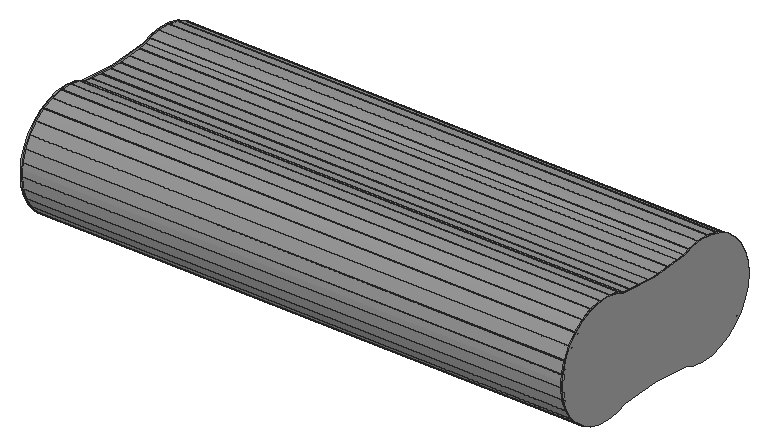
Revit family "Скамейка стальная «Калипсо» без спинки Арт 14300", category Антураж, Revit 2018
Family settings
  На основе рабочей плоскости = Нет
  Всегда вертикально = Да
  При загрузке вырезать с полостями = Нет
  Источник визуального образа = Геометрия семейства
  Общий = Нет
  Точка расчета площади = Нет
Parameters (values of type "Версия 1,8 м (лиственница)")
  Ширина = 780 mm  # constant formula
  Цвет отделки = Лиственница
  Цвет каркаса = Сталь
  Описание = if([Версия 1,8 м (лиственница)], "Скамейка стальная «Калипсо» без спинки. Материал сидения из лиственницы", "Скамейка стальная «Калипсо» без спинки. Материал сидения из сосны")  # "Скамейка стальная «Калипсо» без спинки. Материал сидения из лиственницы"
  Материал изделия = "Сталь, дерево"  # constant formula
  Изображение типоразмера = Скамейка стальная «Калипсо» без спинки Арт 14300.jpeg
  Изготовитель = "ООО «Хоббика»"  # constant formula
  Длина = 1810 mm  # constant formula
  Группа модели = "Скамейки"  # constant formula
  Высота = 450 mm  # constant formula
  Версия 1,8 м (сосна) = not([Версия 1,8 м (лиственница)])  # no
  Версия 1,8 м (лиственница) = yes
  Артикул товара = "Арт. 14300"  # constant formula
  URL = "https://hobbyka.ru/product/skameyka_kalipso/"
Types (3, lengths in mm): name | Цвет отделки | Описание | Версия 1,8 м (сосна) | Версия 1,8 м (лиственница)
  (no name) | Лиственница | "Скамейка стальная «Калипсо» без спинки. Материал сидения из лиственницы" | no | yes
  Версия 1,8 м (лиственница) | Лиственница | "Скамейка стальная «Калипсо» без спинки. Материал сидения из лиственницы" | no | yes
  Версия 1,8 м (сосна) | Сосна | "Скамейка стальная «Калипсо» без спинки. Материал сидения из сосны" | yes | no
Reference planes
  plane 1 "По центру (Вперед/Назад)": y = 0
  plane 2: z = 0
  plane 3 "По центру (Влево/Вправо)": x = 0
  plane 4: y = 780
  plane 5: x = 1810
  plane 6: z = 450
Forms (mm)
  Extrusion 1, solid, material "Сталь" <- "Цвет каркаса"
    sketch origin (0, 0, 0) x (1, 0, 0) y (0, 1, 0)
      loop
        circle (350, 390) r 150
      loop
        circle (1460, 390) r 150
    from 0 to 121.972
  Extrusion 2, solid, material "Сталь" <- "Цвет каркаса"
    sketch origin (0, 0, 0) x (0, 1, 0) y (0, 0, 1)
      loop
        arc (262.496, 432.986) -> (0, 265) -> (262.496, 97.014) r 185
        arc (262.496, 97.014) -> (390, 107.556) -> (517.504, 97.014) r 776.31
        arc (517.504, 97.014) -> (780, 265) -> (517.504, 432.986) r 185
        arc (517.504, 432.986) -> (390, 422.444) -> (262.496, 432.986) r 776.31
    from -5 to 0
  Extrusion 3, solid, material "Сталь" <- "Цвет каркаса"
    sketch origin (0, 0, 0) x (0, 1, 0) y (0, 0, 1)
      loop
        arc (262.496, 432.986) -> (0, 265) -> (262.496, 97.014) r 185
        arc (262.496, 97.014) -> (390, 107.556) -> (517.504, 97.014) r 776.31
        arc (517.504, 97.014) -> (780, 265) -> (517.504, 432.986) r 185
        arc (517.504, 432.986) -> (390, 422.444) -> (262.496, 432.986) r 776.31
    from 1810 to 1815
  Extrusion 4, solid, material "Лиственница" <- "Цвет отделки"
    sketch origin (0, 0, 0) x (0, 1, 0) y (0, 0, 1)
      loop
        line (542.643, 421.477) -> (536.297, 440.444)
        arc (536.297, 440.444) -> (526.82, 436.974) -> (517.546, 432.993) r 185.002
        arc (517.546, 432.993) -> (504.83, 430.983) -> (492.081, 429.185) r 776.31
        line (492.081, 429.185) -> (494.711, 409.358)
        arc (494.711, 409.358) -> (509.167, 411.411) -> (523.582, 413.728) r 796.31
        arc (523.582, 413.728) -> (532.992, 417.9) -> (542.643, 421.477) r 165.002
      loop
        arc (543.276, 421.697) -> (560, 426.261) -> (577.111, 429.046) r 165.013
        line (577.111, 429.046) -> (574.943, 448.928)
        arc (574.943, 448.928) -> (555.758, 445.806) -> (537.007, 440.689) r 185.013
        line (537.007, 440.689) -> (543.276, 421.697)
      loop
        arc (577.751, 429.114) -> (594.999, 430.008) -> (612.247, 429.095) r 165.016
        line (612.247, 429.095) -> (614.338, 448.985)
        arc (614.338, 448.985) -> (594.999, 450.008) -> (575.66, 449.005) r 185.016
        line (575.66, 449.005) -> (577.751, 429.114)
      loop
        arc (612.963, 429.017) -> (630.008, 426.239) -> (646.67, 421.694) r 165.003
        line (646.67, 421.694) -> (652.933, 440.688)
        arc (652.933, 440.688) -> (634.252, 445.784) -> (615.14, 448.899) r 185.003
        line (615.14, 448.899) -> (612.963, 429.017)
      loop
        arc (647.353, 421.467) -> (663.421, 415.137) -> (678.74, 407.162) r 165.001
        line (678.74, 407.162) -> (688.891, 424.395)
        arc (688.891, 424.395) -> (671.715, 433.336) -> (653.699, 440.434) r 185.001
        line (653.699, 440.434) -> (647.353, 421.467)
      loop
        arc (679.382, 406.794) -> (693.774, 397.178) -> (707.079, 386.108) r 165.011
        line (707.079, 386.108) -> (720.664, 400.786)
        arc (720.664, 400.786) -> (705.746, 413.199) -> (689.609, 423.981) r 185.011
        line (689.609, 423.981) -> (679.382, 406.794)
      loop
        arc (707.537, 385.682) -> (719.527, 373.25) -> (730.151, 359.634) r 165.014
        line (730.151, 359.634) -> (746.534, 371.105)
        arc (746.534, 371.105) -> (734.621, 386.371) -> (721.177, 400.309) r 185.014
        line (721.177, 400.309) -> (707.537, 385.682)
      loop
        arc (730.562, 359.043) -> (739.648, 344.357) -> (747.149, 328.802) r 164.999
        line (747.149, 328.802) -> (765.593, 336.536)
        arc (765.593, 336.536) -> (757.183, 353.977) -> (746.995, 370.443) r 184.999
        line (746.995, 370.443) -> (730.562, 359.043)
      loop
        arc (747.426, 328.137) -> (753.192, 311.858) -> (757.224, 295.066) r 164.996
        line (757.224, 295.066) -> (776.889, 298.711)
        arc (776.889, 298.711) -> (772.368, 317.539) -> (765.904, 335.791) r 184.996
        line (765.904, 335.791) -> (747.426, 328.137)
      loop
        arc (757.369, 294.337) -> (759.557, 277.159) -> (759.931, 259.847) r 165.008
        line (759.931, 259.847) -> (779.922, 259.222)
        arc (779.922, 259.222) -> (779.502, 278.633) -> (777.051, 297.893) r 185.008
        line (777.051, 297.893) -> (757.369, 294.337)
      loop
        arc (759.911, 259.241) -> (758.393, 242.037) -> (755.086, 225.086) r 165.012
        line (755.086, 225.086) -> (774.492, 220.248)
        arc (774.492, 220.248) -> (778.199, 239.254) -> (779.899, 258.543) r 185.012
        line (779.899, 258.543) -> (759.911, 259.241)
      loop
        arc (754.91, 224.388) -> (749.788, 207.896) -> (742.97, 192.029) r 164.993
        line (742.97, 192.029) -> (760.907, 183.184)
        arc (760.907, 183.184) -> (768.552, 200.973) -> (774.295, 219.465) r 184.993
        line (774.295, 219.465) -> (754.91, 224.388)
      loop
        arc (742.65, 191.384) -> (734.148, 176.353) -> (724.121, 162.293) r 164.989
        line (724.121, 162.293) -> (739.773, 149.843)
        arc (739.773, 149.843) -> (751.015, 165.607) -> (760.549, 182.46) r 184.989
        line (760.549, 182.46) -> (742.65, 191.384)
      loop
        arc (723.666, 161.737) -> (712.168, 148.851) -> (699.386, 137.238) r 164.985
        line (699.386, 137.238) -> (712.04, 121.75)
        arc (712.04, 121.75) -> (726.371, 134.771) -> (739.263, 149.218) r 184.985
        line (739.263, 149.218) -> (723.666, 161.737)
      loop
        arc (698.827, 136.784) -> (684.857, 126.632) -> (669.902, 117.996) r 164.985
        line (669.902, 117.996) -> (678.982, 100.176)
        arc (678.982, 100.176) -> (695.75, 109.859) -> (711.414, 121.241) r 184.985
        line (711.414, 121.241) -> (698.827, 136.784)
      loop
        arc (669.26, 117.67) -> (653.454, 110.713) -> (637.007, 105.447) r 164.985
        line (637.007, 105.447) -> (642.099, 86.106)
        arc (642.099, 86.106) -> (660.54, 92.011) -> (678.262, 99.811) r 184.985
        line (678.262, 99.811) -> (669.26, 117.67)
      loop
        arc (636.31, 105.265) -> (619.388, 101.818) -> (602.197, 100.158) r 164.989
        line (602.197, 100.158) -> (603.07, 80.177)
        arc (603.07, 80.177) -> (622.344, 82.037) -> (641.318, 85.902) r 184.989
        line (641.318, 85.902) -> (636.31, 105.265)
      loop
        arc (601.478, 100.128) -> (584.207, 100.339) -> (567.052, 102.354) r 165.007
        line (567.052, 102.354) -> (563.665, 82.643)
        arc (563.665, 82.643) -> (582.899, 80.382) -> (602.263, 80.144) r 185.007
        line (602.263, 80.144) -> (601.478, 100.128)
      loop
        arc (566.454, 102.458) -> (549.579, 106.349) -> (533.204, 111.987) r 165.003
        line (533.204, 111.987) -> (525.714, 93.442)
        arc (525.714, 93.442) -> (544.074, 87.121) -> (562.995, 82.759) r 185.003
        line (562.995, 82.759) -> (566.454, 102.458)
      loop
        line (236.724, 421.697) -> (242.993, 440.689)
        arc (242.993, 440.689) -> (224.242, 445.806) -> (205.057, 448.928) r 185.013
        line (205.057, 448.928) -> (202.889, 429.046)
        arc (202.889, 429.046) -> (220, 426.261) -> (236.724, 421.697) r 165.013
      loop
        line (202.249, 429.114) -> (204.34, 449.005)
        arc (204.34, 449.005) -> (185.001, 450.008) -> (165.662, 448.985) r 185.016
        line (165.662, 448.985) -> (167.753, 429.095)
        arc (167.753, 429.095) -> (185.001, 430.008) -> (202.249, 429.114) r 165.016
      loop
        line (167.037, 429.017) -> (164.86, 448.899)
        arc (164.86, 448.899) -> (145.748, 445.784) -> (127.067, 440.688) r 185.003
        line (127.067, 440.688) -> (133.33, 421.694)
        arc (133.33, 421.694) -> (149.992, 426.239) -> (167.037, 429.017) r 165.003
      loop
        line (132.647, 421.467) -> (126.301, 440.434)
        arc (126.301, 440.434) -> (108.285, 433.336) -> (91.109, 424.395) r 185.001
        line (91.109, 424.395) -> (101.26, 407.162)
        arc (101.26, 407.162) -> (116.579, 415.137) -> (132.647, 421.467) r 165.001
      loop
        line (100.618, 406.794) -> (90.391, 423.981)
        arc (90.391, 423.981) -> (74.254, 413.199) -> (59.336, 400.786) r 185.011
        line (59.336, 400.786) -> (72.921, 386.108)
        arc (72.921, 386.108) -> (86.226, 397.178) -> (100.618, 406.794) r 165.011
      loop
        line (72.463, 385.682) -> (58.823, 400.309)
        arc (58.823, 400.309) -> (45.379, 386.371) -> (33.466, 371.105) r 185.014
        line (33.466, 371.105) -> (49.849, 359.634)
        arc (49.849, 359.634) -> (60.473, 373.25) -> (72.463, 385.682) r 165.014
      loop
        line (49.438, 359.043) -> (33.005, 370.443)
        arc (33.005, 370.443) -> (22.817, 353.977) -> (14.407, 336.536) r 184.999
        line (14.407, 336.536) -> (32.851, 328.802)
        arc (32.851, 328.802) -> (40.352, 344.357) -> (49.438, 359.043) r 164.999
      loop
        line (32.574, 328.137) -> (14.096, 335.791)
        arc (14.096, 335.791) -> (7.632, 317.539) -> (3.111, 298.711) r 184.996
        line (3.111, 298.711) -> (22.776, 295.066)
        arc (22.776, 295.066) -> (26.808, 311.858) -> (32.574, 328.137) r 164.996
      loop
        line (22.631, 294.337) -> (2.949, 297.893)
        arc (2.949, 297.893) -> (0.498, 278.633) -> (0.078, 259.222) r 185.008
        line (0.078, 259.222) -> (20.069, 259.847)
        arc (20.069, 259.847) -> (20.443, 277.159) -> (22.631, 294.337) r 165.008
      loop
        line (20.089, 259.241) -> (0.101, 258.543)
        arc (0.101, 258.543) -> (1.801, 239.254) -> (5.508, 220.248) r 185.012
        line (5.508, 220.248) -> (24.914, 225.086)
        arc (24.914, 225.086) -> (21.607, 242.037) -> (20.089, 259.241) r 165.012
      loop
        line (25.09, 224.388) -> (5.705, 219.465)
        arc (5.705, 219.465) -> (11.448, 200.973) -> (19.093, 183.184) r 184.993
        line (19.093, 183.184) -> (37.03, 192.029)
        arc (37.03, 192.029) -> (30.212, 207.896) -> (25.09, 224.388) r 164.993
      loop
        line (37.35, 191.384) -> (19.451, 182.46)
        arc (19.451, 182.46) -> (28.985, 165.607) -> (40.227, 149.843) r 184.989
        line (40.227, 149.843) -> (55.879, 162.293)
        arc (55.879, 162.293) -> (45.852, 176.353) -> (37.35, 191.384) r 164.989
      loop
        line (56.334, 161.737) -> (40.737, 149.218)
        arc (40.737, 149.218) -> (53.629, 134.771) -> (67.96, 121.75) r 184.985
        line (67.96, 121.75) -> (80.614, 137.238)
        arc (80.614, 137.238) -> (67.832, 148.851) -> (56.334, 161.737) r 164.985
      loop
        line (81.173, 136.784) -> (68.586, 121.241)
        arc (68.586, 121.241) -> (84.25, 109.859) -> (101.018, 100.176) r 184.985
        line (101.018, 100.176) -> (110.098, 117.996)
        arc (110.098, 117.996) -> (95.143, 126.632) -> (81.173, 136.784) r 164.985
      loop
        line (110.74, 117.67) -> (101.738, 99.811)
        arc (101.738, 99.811) -> (119.46, 92.011) -> (137.901, 86.106) r 184.985
        line (137.901, 86.106) -> (142.993, 105.447)
        arc (142.993, 105.447) -> (126.546, 110.713) -> (110.74, 117.67) r 164.985
      loop
        line (143.69, 105.265) -> (138.682, 85.902)
        arc (138.682, 85.902) -> (157.656, 82.037) -> (176.93, 80.177) r 184.989
        line (176.93, 80.177) -> (177.803, 100.158)
        arc (177.803, 100.158) -> (160.612, 101.818) -> (143.69, 105.265) r 164.989
      loop
        line (178.522, 100.128) -> (177.737, 80.144)
        arc (177.737, 80.144) -> (197.101, 80.382) -> (216.335, 82.643) r 185.007
        line (216.335, 82.643) -> (212.948, 102.354)
        arc (212.948, 102.354) -> (195.793, 100.339) -> (178.522, 100.128) r 165.007
      loop
        line (213.546, 102.458) -> (217.005, 82.759)
        arc (217.005, 82.759) -> (235.926, 87.121) -> (254.286, 93.442) r 185.003
        line (254.286, 93.442) -> (246.796, 111.987)
        arc (246.796, 111.987) -> (230.421, 106.349) -> (213.546, 102.458) r 165.003
      loop
        arc (409.498, 422.689) -> (390.07, 422.444) -> (370.641, 422.685) r 776.31
        line (370.641, 422.685) -> (370.143, 402.703)
        arc (370.143, 402.703) -> (390.072, 402.448) -> (410, 402.692) r 796.315
        line (410, 402.692) -> (409.498, 422.689)
      loop
        line (410.861, 422.724) -> (411.399, 402.728)
        arc (411.399, 402.728) -> (431.493, 403.525) -> (451.56, 404.829) r 796.313
        line (451.56, 404.829) -> (450.014, 424.767)
        arc (450.014, 424.767) -> (430.45, 423.498) -> (410.861, 422.724) r 776.31
      loop
        line (451.687, 424.899) -> (453.276, 404.962)
        arc (453.276, 404.962) -> (473.193, 406.801) -> (493.058, 409.141) r 796.31
        line (493.058, 409.141) -> (490.469, 428.973)
        arc (490.469, 428.973) -> (471.104, 426.692) -> (451.687, 424.899) r 776.31
      loop
        arc (237.357, 421.477) -> (247.008, 417.9) -> (256.418, 413.728) r 165.002
        arc (256.418, 413.728) -> (270.833, 411.411) -> (285.289, 409.358) r 796.31
        line (285.289, 409.358) -> (287.919, 429.185)
        arc (287.919, 429.185) -> (275.17, 430.983) -> (262.454, 432.993) r 776.31
        arc (262.454, 432.993) -> (253.18, 436.974) -> (243.703, 440.444) r 185.002
        line (243.703, 440.444) -> (237.357, 421.477)
      loop
        arc (369.139, 422.724) -> (349.55, 423.498) -> (329.986, 424.767) r 776.31
        line (329.986, 424.767) -> (328.44, 404.829)
        arc (328.44, 404.829) -> (348.507, 403.525) -> (368.601, 402.728) r 796.313
        line (368.601, 402.728) -> (369.139, 422.724)
      loop
        arc (328.313, 424.899) -> (308.896, 426.692) -> (289.531, 428.973) r 776.31
        line (289.531, 428.973) -> (286.942, 409.141)
        arc (286.942, 409.141) -> (306.807, 406.801) -> (326.724, 404.962) r 796.31
        line (326.724, 404.962) -> (328.313, 424.899)
    from 0 to 1810
Lines and regions (mm)
  symbolic lines
    curve 1: arc (0, 517.504, 432.986) -> (0, 390, 422.444) -> (0, 262.496, 432.986) r 776.31
Dimensions and locks
  "Длина": plane 3 "По центру (Влево/Вправо)" to plane 5
  "Ширина": plane 4 to plane 1 "По центру (Вперед/Назад)"
  "Высота": plane 6 to level
  aligned and locked: level to plane 2
  aligned and locked: Extrusion 4 to plane 3 "По центру (Влево/Вправо)"
  aligned and locked: plane 5 to Extrusion 4
Automatic sketch dimensions
  Extrusion 2 sketch curve to plane 1 "По центру (Вперед/Назад)" = 185 mm
  Extrusion 2 sketch curve to plane 1 "По центру (Вперед/Назад)" = 390 mm
  Extrusion 2 sketch curve to plane 4 = 185 mm
  Extrusion 2 sketch curve to plane 6 = 185 mm
  level to Extrusion 2 sketch curve = 265 mm
  Extrusion 2 sketch curve to Extrusion 2 sketch curve = 77.496 mm
  level to Extrusion 2 sketch curve = 97.014 mm  (x2)
  Extrusion 2 sketch curve to plane 6 = 17.014 mm  (x2)
  plane 6 to Extrusion 2 sketch curve = 748.754 mm
  Extrusion 2 sketch curve to level = 668.754 mm
  Extrusion 3 sketch curve to plane 6 = 17.014 mm  (x2)
  Extrusion 3 sketch curve to plane 1 "По центру (Вперед/Назад)" = 185 mm
  Extrusion 3 sketch curve to plane 1 "По центру (Вперед/Назад)" = 390 mm
  Extrusion 3 sketch curve to plane 4 = 185 mm
  Extrusion 3 sketch curve to plane 6 = 185 mm
  level to Extrusion 3 sketch curve = 265 mm
  Extrusion 3 sketch curve to Extrusion 3 sketch curve = 77.496 mm
  level to Extrusion 3 sketch curve = 97.014 mm  (x2)
  plane 6 to Extrusion 3 sketch curve = 748.754 mm
  Extrusion 3 sketch curve to level = 668.754 mm
  plane 3 "По центру (Влево/Вправо)" to Extrusion 1 sketch curve = 350 mm
  Extrusion 1 sketch curve to plane 5 = 350 mm
  Extrusion 1 sketch curve to plane 1 "По центру (Вперед/Назад)" = 390 mm  (x2)
  curve 1 to plane 6 = 17.014 mm  (x2)
  Extrusion 4 sketch curve to Extrusion 4 sketch curve = 0 mm  (x186)
  Extrusion 4 sketch curve to plane 1 "По центру (Вперед/Назад)" = 0.078 mm
  Extrusion 4 sketch curve to plane 1 "По центру (Вперед/Назад)" = 0.101 mm
  Extrusion 4 sketch curve to plane 1 "По центру (Вперед/Назад)" = 2.949 mm
  Extrusion 4 sketch curve to Extrusion 4 sketch curve = 0.162 mm  (x2)
  Extrusion 4 sketch curve to plane 1 "По центру (Вперед/Назад)" = 5.508 mm
  Extrusion 4 sketch curve to Extrusion 4 sketch curve = 0.197 mm  (x2)
  Extrusion 4 sketch curve to plane 1 "По центру (Вперед/Назад)" = 14.096 mm
  Extrusion 4 sketch curve to Extrusion 4 sketch curve = 0.31 mm  (x2)
  Extrusion 4 sketch curve to plane 1 "По центру (Вперед/Назад)" = 19.093 mm
  Extrusion 4 sketch curve to Extrusion 4 sketch curve = 0.359 mm  (x2)
  Extrusion 4 sketch curve to Extrusion 4 sketch curve = 19.99 mm
  Extrusion 4 sketch curve to Extrusion 4 sketch curve = 0.02 mm  (x2)
  Extrusion 4 sketch curve to Extrusion 4 sketch curve = 19.681 mm
  Extrusion 4 sketch curve to Extrusion 4 sketch curve = 0.146 mm  (x2)
  Extrusion 4 sketch curve to Extrusion 4 sketch curve = 19.406 mm
  Extrusion 4 sketch curve to Extrusion 4 sketch curve = 0.176 mm  (x2)
  Extrusion 4 sketch curve to Extrusion 4 sketch curve = 18.478 mm
  Extrusion 4 sketch curve to Extrusion 4 sketch curve = 0.277 mm  (x2)
  Extrusion 4 sketch curve to plane 1 "По центру (Вперед/Назад)" = 33.005 mm
  Extrusion 4 sketch curve to Extrusion 4 sketch curve = 0.461 mm  (x2)
  Extrusion 4 sketch curve to Extrusion 4 sketch curve = 17.937 mm
  Extrusion 4 sketch curve to Extrusion 4 sketch curve = 0.32 mm  (x2)
  Extrusion 4 sketch curve to Extrusion 4 sketch curve = 20.776 mm
  Extrusion 4 sketch curve to Extrusion 4 sketch curve = 0.509 mm  (x4)
  Extrusion 4 sketch curve to Extrusion 4 sketch curve = 16.433 mm
  Extrusion 4 sketch curve to Extrusion 4 sketch curve = 0.411 mm  (x2)
  Extrusion 4 sketch curve to Extrusion 4 sketch curve = 15.652 mm
  Extrusion 4 sketch curve to Extrusion 4 sketch curve = 0.455 mm  (x2)
  Extrusion 4 sketch curve to Extrusion 4 sketch curve = 25.357 mm
  Extrusion 4 sketch curve to Extrusion 4 sketch curve = 0.514 mm  (x2)
  Extrusion 4 sketch curve to Extrusion 4 sketch curve = 27.224 mm
  Extrusion 4 sketch curve to Extrusion 4 sketch curve = 0.626 mm  (x2)
  Extrusion 4 sketch curve to Extrusion 4 sketch curve = 13.64 mm
  Extrusion 4 sketch curve to Extrusion 4 sketch curve = 0.458 mm  (x2)
  Extrusion 4 sketch curve to Extrusion 4 sketch curve = 12.654 mm
  Extrusion 4 sketch curve to Extrusion 4 sketch curve = 0.558 mm  (x2)
  Extrusion 4 sketch curve to plane 6 = 26.019 mm  (x2)
  Extrusion 4 sketch curve to Extrusion 4 sketch curve = 31.054 mm
  Extrusion 4 sketch curve to plane 6 = 25.605 mm  (x2)
  Extrusion 4 sketch curve to Extrusion 4 sketch curve = 0.719 mm  (x4)
  Extrusion 4 sketch curve to plane 6 = 43.206 mm  (x2)
  Extrusion 4 sketch curve to Extrusion 4 sketch curve = 10.228 mm
  Extrusion 4 sketch curve to Extrusion 4 sketch curve = 32.432 mm
  Extrusion 4 sketch curve to plane 6 = 42.838 mm  (x2)
  Extrusion 4 sketch curve to Extrusion 4 sketch curve = 0.642 mm  (x4)
  Extrusion 4 sketch curve to Extrusion 4 sketch curve = 0.72 mm  (x2)
  Extrusion 4 sketch curve to Extrusion 4 sketch curve = 9.08 mm
  Extrusion 4 sketch curve to plane 6 = 9.566 mm  (x2)
  Extrusion 4 sketch curve to Extrusion 4 sketch curve = 35.192 mm
  Extrusion 4 sketch curve to plane 6 = 9.312 mm  (x2)
  Extrusion 4 sketch curve to Extrusion 4 sketch curve = 0.766 mm  (x2)
  Extrusion 4 sketch curve to plane 6 = 28.533 mm  (x2)
  Extrusion 4 sketch curve to plane 6 = 28.306 mm  (x2)
  Extrusion 4 sketch curve to Extrusion 4 sketch curve = 0.683 mm  (x2)
  Extrusion 4 sketch curve to Extrusion 4 sketch curve = 36.163 mm
  Extrusion 4 sketch curve to Extrusion 4 sketch curve = 0.781 mm  (x2)
  Extrusion 4 sketch curve to Extrusion 4 sketch curve = 5.092 mm
  Extrusion 4 sketch curve to Extrusion 4 sketch curve = 0.697 mm  (x2)
  Extrusion 4 sketch curve to plane 6 = 1.101 mm  (x2)
  Extrusion 4 sketch curve to Extrusion 4 sketch curve = 37.793 mm
  Extrusion 4 sketch curve to plane 6 = 1.015 mm  (x2)
  Extrusion 4 sketch curve to Extrusion 4 sketch curve = 0.803 mm  (x2)
  Extrusion 4 sketch curve to plane 6 = 20.983 mm  (x2)
  Extrusion 4 sketch curve to plane 6 = 20.905 mm  (x2)
  Extrusion 4 sketch curve to Extrusion 4 sketch curve = 0.716 mm  (x2)
  level to Extrusion 4 sketch curve = 80.177 mm  (x2)
  Extrusion 4 sketch curve to Extrusion 4 sketch curve = 38.248 mm
  level to Extrusion 4 sketch curve = 80.144 mm  (x2)
  Extrusion 4 sketch curve to Extrusion 4 sketch curve = 0.807 mm  (x2)
  Extrusion 4 sketch curve to Extrusion 4 sketch curve = 0.872 mm
  Extrusion 4 sketch curve to Extrusion 4 sketch curve = 152.293 mm
  Extrusion 4 sketch curve to Extrusion 4 sketch curve = 0.099 mm
  Extrusion 4 sketch curve to Extrusion 4 sketch curve = 0.002 mm  (x6)
  Extrusion 4 sketch curve to Extrusion 4 sketch curve = 0.006 mm  (x2)
  Extrusion 4 sketch curve to Extrusion 4 sketch curve = 0.023 mm
  Extrusion 4 sketch curve to Extrusion 4 sketch curve = 0.033 mm
  Extrusion 4 sketch curve to Extrusion 4 sketch curve = 0.031 mm  (x2)
  Extrusion 4 sketch curve to Extrusion 4 sketch curve = 0.003 mm  (x3)
  Extrusion 4 sketch curve to Extrusion 4 sketch curve = 0.001 mm  (x4)
  Extrusion 4 sketch curve to Extrusion 4 sketch curve = 0.015 mm  (x4)
  Extrusion 4 sketch curve to Extrusion 4 sketch curve = 0.008 mm  (x2)
  Extrusion 4 sketch curve to Extrusion 4 sketch curve = 0.063 mm
  Extrusion 4 sketch curve to Extrusion 4 sketch curve = 0.057 mm  (x2)
  Extrusion 4 sketch curve to Extrusion 4 sketch curve = 0.049 mm  (x2)
  Extrusion 4 sketch curve to plane 6 = 20.886 mm  (x2)
  Extrusion 4 sketch curve to Extrusion 4 sketch curve = 34.496 mm  (x2)
  Extrusion 4 sketch curve to plane 6 = 20.954 mm  (x2)
  Extrusion 4 sketch curve to Extrusion 4 sketch curve = 0.64 mm  (x2)
  Extrusion 4 sketch curve to plane 6 = 0.995 mm  (x2)
  Extrusion 4 sketch curve to plane 6 = 1.072 mm  (x2)
  Extrusion 4 sketch curve to Extrusion 4 sketch curve = 0.718 mm  (x2)
  level to Extrusion 4 sketch curve = 102.354 mm  (x2)
  Extrusion 4 sketch curve to Extrusion 4 sketch curve = 34.425 mm  (x2)
  level to Extrusion 4 sketch curve = 102.458 mm  (x2)
  Extrusion 4 sketch curve to Extrusion 4 sketch curve = 0.598 mm  (x2)
  level to Extrusion 4 sketch curve = 82.643 mm  (x2)
  Extrusion 4 sketch curve to Extrusion 4 sketch curve = 3.387 mm
  level to Extrusion 4 sketch curve = 82.759 mm  (x2)
  Extrusion 4 sketch curve to Extrusion 4 sketch curve = 0.671 mm  (x2)
  Extrusion 4 sketch curve to plane 6 = 28.303 mm  (x2)
  Extrusion 4 sketch curve to Extrusion 4 sketch curve = 33.835 mm
  Extrusion 4 sketch curve to plane 6 = 28.523 mm  (x2)
  Extrusion 4 sketch curve to Extrusion 4 sketch curve = 0.633 mm  (x2)
  Extrusion 4 sketch curve to plane 6 = 9.311 mm  (x2)
  Extrusion 4 sketch curve to plane 6 = 9.556 mm  (x2)
  Extrusion 4 sketch curve to Extrusion 4 sketch curve = 0.71 mm  (x2)
  level to Extrusion 4 sketch curve = 111.987 mm  (x2)
  Extrusion 4 sketch curve to Extrusion 4 sketch curve = 33.25 mm
  level to Extrusion 4 sketch curve = 93.442 mm  (x2)
  Extrusion 4 sketch curve to plane 6 = 40.642 mm  (x2)
  Extrusion 4 sketch curve to Extrusion 4 sketch curve = 47.932 mm
  Extrusion 4 sketch curve to plane 6 = 40.859 mm  (x2)
  Extrusion 4 sketch curve to Extrusion 4 sketch curve = 1.654 mm  (x2)
  Extrusion 4 sketch curve to plane 6 = 20.815 mm  (x2)
  Extrusion 4 sketch curve to Extrusion 4 sketch curve = 2.63 mm
  Extrusion 4 sketch curve to plane 6 = 21.027 mm  (x2)
  Extrusion 4 sketch curve to Extrusion 4 sketch curve = 1.612 mm  (x2)
  Extrusion 4 sketch curve to plane 6 = 45.038 mm  (x2)
  Extrusion 4 sketch curve to Extrusion 4 sketch curve = 39.782 mm
  Extrusion 4 sketch curve to plane 6 = 25.101 mm  (x2)
  Extrusion 4 sketch curve to plane 6 = 45.171 mm  (x2)
  Extrusion 4 sketch curve to Extrusion 4 sketch curve = 1.716 mm  (x2)
  Extrusion 4 sketch curve to plane 6 = 25.233 mm  (x2)
  Extrusion 4 sketch curve to Extrusion 4 sketch curve = 1.673 mm  (x2)
  Extrusion 4 sketch curve to plane 6 = 47.272 mm  (x2)
  Extrusion 4 sketch curve to Extrusion 4 sketch curve = 40.161 mm
  Extrusion 4 sketch curve to plane 6 = 27.276 mm  (x2)
  Extrusion 4 sketch curve to Extrusion 4 sketch curve = 0.538 mm
  Extrusion 4 sketch curve to plane 6 = 47.297 mm
  Extrusion 4 sketch curve to Extrusion 4 sketch curve = 1.542 mm
  Extrusion 4 sketch curve to plane 6 = 27.315 mm
  Extrusion 4 sketch curve to Extrusion 4 sketch curve = 1.503 mm
  Extrusion 4 sketch curve to Extrusion 4 sketch curve = 0.107 mm  (x3)
  Extrusion 4 sketch curve to Extrusion 4 sketch curve = 0.179 mm
  Extrusion 4 sketch curve to plane 6 = 27.311 mm
  Extrusion 4 sketch curve to plane 6 = 47.308 mm
  Extrusion 4 sketch curve to Extrusion 4 sketch curve = 0.502 mm
  Extrusion 4 sketch curve to Extrusion 4 sketch curve = 1.364 mm
  Extrusion 4 sketch curve to Extrusion 4 sketch curve = 1.399 mm
  Extrusion 4 sketch curve to Extrusion 4 sketch curve = 1.546 mm
  Extrusion 4 sketch curve to plane 4 = 254.286 mm
  Extrusion 4 sketch curve to Extrusion 4 sketch curve = 7.49 mm
  Extrusion 4 sketch curve to Extrusion 4 sketch curve = 44.216 mm
  Extrusion 4 sketch curve to Extrusion 4 sketch curve = 6.346 mm
  Extrusion 4 sketch curve to Extrusion 4 sketch curve = 37.28 mm
  Extrusion 4 sketch curve to Extrusion 4 sketch curve = 37.936 mm
  Extrusion 4 sketch curve to Extrusion 4 sketch curve = 52.212 mm
  Extrusion 4 sketch curve to Extrusion 4 sketch curve = 0.014 mm  (x2)
  Extrusion 4 sketch curve to Extrusion 4 sketch curve = 0.005 mm
  Extrusion 4 sketch curve to Extrusion 4 sketch curve = 0.086 mm
  level to Extrusion 4 sketch curve = 100.128 mm
  level to Extrusion 4 sketch curve = 100.158 mm
  level to Extrusion 4 sketch curve = 105.265 mm
  Extrusion 4 sketch curve to Extrusion 4 sketch curve = 34.113 mm
  level to Extrusion 4 sketch curve = 85.902 mm
  level to Extrusion 4 sketch curve = 86.106 mm
  Extrusion 4 sketch curve to Extrusion 4 sketch curve = 33.707 mm
  Extrusion 4 sketch curve to Extrusion 4 sketch curve = 32.253 mm
  Extrusion 4 sketch curve to Extrusion 4 sketch curve = 9.002 mm
  Extrusion 4 sketch curve to Extrusion 4 sketch curve = 31.387 mm
  Extrusion 4 sketch curve to Extrusion 4 sketch curve = 28.925 mm
  Extrusion 4 sketch curve to plane 6 = 63.892 mm
  Extrusion 4 sketch curve to Extrusion 4 sketch curve = 27.698 mm
  Extrusion 4 sketch curve to Extrusion 4 sketch curve = 12.586 mm
  Extrusion 4 sketch curve to plane 6 = 49.214 mm
  Extrusion 4 sketch curve to Extrusion 4 sketch curve = 24.28 mm
  Extrusion 4 sketch curve to Extrusion 4 sketch curve = 22.613 mm
  Extrusion 4 sketch curve to Extrusion 4 sketch curve = 15.598 mm
  Extrusion 4 sketch curve to Extrusion 4 sketch curve = 18.53 mm
  Extrusion 4 sketch curve to Extrusion 4 sketch curve = 16.383 mm
  Extrusion 4 sketch curve to plane 4 = 32.851 mm
  Extrusion 4 sketch curve to plane 4 = 25.09 mm
  Extrusion 4 sketch curve to plane 4 = 22.776 mm
  Extrusion 4 sketch curve to plane 4 = 20.089 mm
  Extrusion 4 sketch curve to plane 4 = 19.451 mm
  Extrusion 4 sketch curve to plane 4 = 14.407 mm
  Extrusion 4 sketch curve to plane 4 = 5.705 mm
  Extrusion 4 sketch curve to plane 4 = 3.111 mm
  Extrusion 4 sketch curve to plane 4 = 0.101 mm
  Extrusion 4 sketch curve to plane 4 = 0.078 mm
  Extrusion 4 sketch curve to Extrusion 4 sketch curve = 5.725 mm
  Extrusion 4 sketch curve to Extrusion 4 sketch curve = 0.204 mm
  Extrusion 4 sketch curve to Extrusion 4 sketch curve = 13.705 mm  (x2)
  Extrusion 4 sketch curve to Extrusion 4 sketch curve = 0.03 mm
  Extrusion 4 sketch curve to Extrusion 4 sketch curve = 0.365 mm  (x2)
  Extrusion 4 sketch curve to Extrusion 4 sketch curve = 0.182 mm  (x2)
  Extrusion 4 sketch curve to Extrusion 4 sketch curve = 0.325 mm  (x2)
  Extrusion 4 sketch curve to Extrusion 4 sketch curve = 21.065 mm  (x2)
  Extrusion 4 sketch curve to Extrusion 4 sketch curve = 0.454 mm  (x2)
  Extrusion 4 sketch curve to Extrusion 4 sketch curve = 27.468 mm  (x2)
  Extrusion 4 sketch curve to Extrusion 4 sketch curve = 0.624 mm  (x2)
  Extrusion 4 sketch curve to Extrusion 4 sketch curve = 0.556 mm  (x2)
  Extrusion 4 sketch curve to Extrusion 4 sketch curve = 32.618 mm  (x2)
  Extrusion 4 sketch curve to Extrusion 4 sketch curve = 0.723 mm  (x2)
  Extrusion 4 sketch curve to Extrusion 4 sketch curve = 0.645 mm  (x2)
  Extrusion 4 sketch curve to Extrusion 4 sketch curve = 36.281 mm  (x2)
  Extrusion 4 sketch curve to Extrusion 4 sketch curve = 0.783 mm  (x2)
  Extrusion 4 sketch curve to Extrusion 4 sketch curve = 0.698 mm  (x2)
  Extrusion 4 sketch curve to Extrusion 4 sketch curve = 38.296 mm  (x2)
  Extrusion 4 sketch curve to Extrusion 4 sketch curve = 0.679 mm  (x2)
  Extrusion 4 sketch curve to Extrusion 4 sketch curve = 0.606 mm  (x2)
  Extrusion 4 sketch curve to Extrusion 4 sketch curve = 0.032 mm  (x2)
  Extrusion 4 sketch curve to Extrusion 4 sketch curve = 0.004 mm  (x3)
  Extrusion 4 sketch curve to Extrusion 4 sketch curve = 0.011 mm  (x2)
  Extrusion 4 sketch curve to Extrusion 4 sketch curve = 0.038 mm  (x2)
  Extrusion 4 sketch curve to Extrusion 4 sketch curve = 0.079 mm  (x2)
  Extrusion 4 sketch curve to Extrusion 4 sketch curve = 0.729 mm  (x2)
  Extrusion 4 sketch curve to Extrusion 4 sketch curve = 0.818 mm  (x2)
  Extrusion 4 sketch curve to Extrusion 4 sketch curve = 0.664 mm  (x2)
  Extrusion 4 sketch curve to Extrusion 4 sketch curve = 0.745 mm  (x2)
  Extrusion 4 sketch curve to Extrusion 4 sketch curve = 0.591 mm  (x2)
  Extrusion 4 sketch curve to Extrusion 4 sketch curve = 0.662 mm  (x2)
  curve 1 to plane 1 "По центру (Вперед/Назад)" = 262.496 mm
  curve 1 to plane 1 "По центру (Вперед/Назад)" = 390 mm
  plane 6 to curve 1 = 748.754 mm
  radius of Extrusion 1 sketch curve = 150 mm  (x2)
